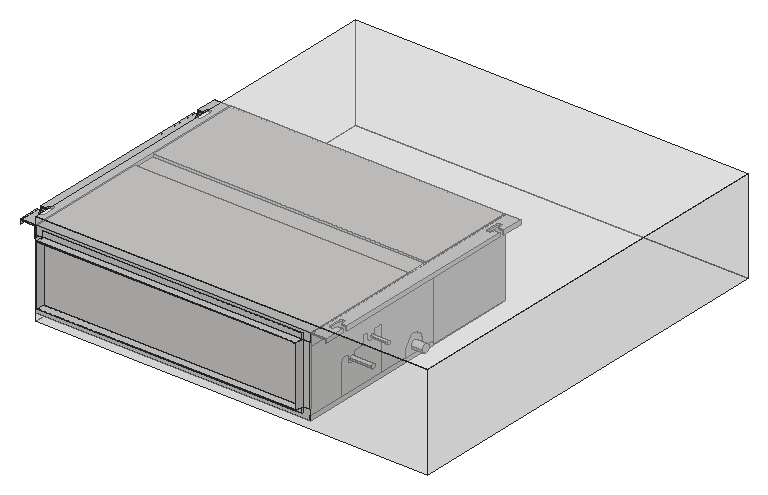
Revit family "outputfile", category 機械設備, Revit 2024
Family settings
  丸型コネクタ寸法 = 半径を使用
  パーツ タイプ = 標準
  OmniClass 番号 = 23.75.10.24.21.27.27
  OmniClass タイトル = Split System Air Conditioning Units
  作業面ベース = いいえ
  常に垂直 = はい
  ロード時にボイドで切り取り = いいえ
  注釈の向きを維持 = いいえ
  共有 = いいえ
  部屋計算ポイント = はい
Parameters (values of type "CDXP25RVM4")
  Description = ""
  書き出し IFC クラス(タイプ) = "IfcUnitaryEquipmentType"
  定義済み IFC タイプ(タイプ) = "AIRCONDITIONINGUNIT"
  Cost = 0
  Type Comments = ""
  Keynote = ""
  Type Image = (empty or 0)
  Assembly Code = ""
  switch_frequency = yes
  ld_powersupply = Depth / 2  # 310.0 mm
  製造元 = "Daikin"
  モデル = "CDXP25RVM4"
  r_Liquid Pipe Size = Liquid Pipe Size / 2  # 3.2 mm
  r_Gas Pipe Size = Gas Pipe Size / 2  # 4.75 mm
  r_Drain Pipe Size = Drain Pipe Size / 2  # 10.0 mm
  lw_powersupply = 50.0 mm  # constant formula
  lw_ductflange2 = 620.0 mm
  lw_Width = 660.0 mm
  lh_suctionflange [instance] = 100.0 mm  # constant formula
  ld_suctionflange [instance] = if(Rear Connection_Return Air, 190.0 mm, 100.0 mm)  # 190.0 mm
  connector_voltage = Voltage_50Hz  # 230 V
  connector_powerinput = if([Power Input (Cooling)] > [Power Input (Heating)], [Power Input (Cooling)], [Power Input (Heating)])  # 0.000 kW
  connector_phase = Phase_50Hz  # 1
  angle_vertical_RA [instance] = if(Rear Connection_Return Air, 90.00°, 0.00°)  # 90.00°
  angle horizontal_RA [instance] = if(Rear Connection_Return Air, 180.00°, 270.00°)  # 180.00°
  Voltage_comment_50Hz = "220 - 240"
  Voltage_50Hz = 230 V
  URL = ""
  Supply Air Direction [instance] = yes
  Sound Power Level_H speed (dB) = 0
  Rear Connection_Return Air [instance] = not(Bottom Connection_Return Air)  # yes
  RA_length [instance] = if(Rear Connection_Return Air, 190.0 mm, 100.0 mm)  # 190.0 mm
  Phase_50Hz = 1
  Minimum External Static Pressure = 0.00 Pa
  Minimum Circuit Amps_50Hz = 0.0 A
  Maximum Fuse Amps_50Hz = 0.0 A
  Maximum External Static Pressure = 30.00 Pa
  Material_Casing = DAIKIN_GalvanizedSteel_Casing_indoorunit
  lw_liquidpipe = 46.0 mm  # constant formula
  lw_gaspipe = 57.0 mm  # constant formula
  lw_mountinghole = 740.0 mm
  lw_drainpipe = 30.0 mm  # constant formula
  lh_powersupply = 150.0 mm  # constant formula
  lh_liquidpipe = 90.0 mm  # constant formula
  lh_gaspipe = 113.0 mm  # constant formula
  lh_mountinghole = Height  # 200.0 mm
  lh_drainpipe = 170.0 mm  # constant formula
  lh_antena = 1.0 mm  # constant formula
  ld_liquidpipe = 193.0 mm  # constant formula
  ld_gaspipe = 130.0 mm  # constant formula
  ld_mountinghole = 500.0 mm  # constant formula
  ld_drainpipe = 330.0 mm  # constant formula
  ld_controlbox = 626.0 mm  # constant formula
  h*** = 0.0 mm  # constant formula
  d_dischargeflange = 21.2 mm  # constant formula
  Width = 700.0 mm
  Version = "ver.1.0"
  Unit Type = "Duct (L.S.P)"
  Unit Mass Weight = 21.00 kg
  Unit Designation [instance] = ""
  Uniclass2015Version = "Products v1.30"
  Uniclass2015Title = "Split coil room air conditioning units"
  Uniclass2015Code = "Pr_70_65_03_86"
  Total Heating Capacity [instance] = 0.000 kW
  Total Cooling Capacity [instance] = 0.000 kW
  Sound Pressure Level_M speed (dBA) = 33
  Sound Pressure Level_L speed (dBA) = 31
  Sound Pressure Level_H speed (dBA) = 35
  Series = "Multi Split_Fan Coil Unit"
  Sensible Cooling Capacity [instance] = 0.000 kW
  SA Duct Size Width = 660.0 mm
  SA Duct Size Height = 153.0 mm
  Refrigerant Type = "R32"
  RA Duct Size Width = 580.0 mm
  RA Duct Size Height = 160.0 mm
  Power Input (Heating) = 0.000 kW
  Power Input (Cooling) = 0.000 kW
  Option Accessory 3 [instance] = ""
  Option Accessory 2 [instance] = ""
  Option Accessory 1 [instance] = ""
  Nominal Heating Capacity = 3.400 kW
  Nominal Cooling Capacity = 2.500 kW
  Minimum Airflow = 438.00 m³/h
  Median Airflow = 480.00 m³/h
  Maximum Airflow = 522.00 m³/h
  Load Classification = HVAC
  Liquid Pipe Size = 6.4 mm
  Link_Nested Family [instance] = ""
  IfcVersion = ""
  IfcExportType = "AIRCONDITIONINGUNIT"
  IfcExportAs = "IfcUnitaryEquipmentType"
  Height = 200.0 mm
  Heating Entering Wet Bulb Temperature [instance] = 0.00 °C
  Heating Entering Dry Bulb Temperature [instance] = 0.00 °C
  Heating Ambient Wet Bulb Temperature [instance] = 0.00 °C
  Heating Ambient Dry Bulb Temperature [instance] = 0.00 °C
  Heat Exchanger Type = "Cross Fin Coil"
  Gas Pipe Size = 9.5 mm
  Frequency_50Hz = 50 Hz
  Fan Type = "Sirocco Fan"
  Fan Drive = "Direct Drive"
  FCU Tag No. [instance] = ""
  Drain Pipe Size = 20.0 mm
  Design Supply Airflow [instance] = 0.00 m³/h
  Design Return Airflow [instance] = 0.00 m³/h
  Design External Static Pressure [instance] = 0.00 Pa
  Depth = 620.0 mm
  既定の高さ = 0.0 mm
  Cooling Entering Wet Bulb Temperature [instance] = 0.00 °C
  Cooling Entering Dry Bulb Temperature [instance] = 0.00 °C
  Cooling Ambient Wet Bulb Temperature [instance] = 0.00 °C
  Cooling Ambient Dry Bulb Temperature [instance] = 0.00 °C
  Clearance visibility [instance] = yes
  Clearance Top = 20.0 mm
  Clearance Right = 300.0 mm
  Clearance Rear = 400.0 mm
  Clearance Left = 0.0 mm
  Clearance Front = 0.0 mm
  Clearance Bottom = 20.0 mm
  Bottom Connection_Return Air [instance] = no
Reference planes
  plane 1 "Center (Front/Back)": y = 0
  plane 2: z = 0
  plane 3 "Center (Left/Right)": x = 0
  plane 4 "Back": y = 310
  plane 5 "Front": y = -310
  plane 6 "Left": x = -350
  plane 7 "Right": x = 350
  plane 8 "Top": z = 0
  plane 9 "Bottom": z = -200
  plane 10: x = -370
  plane 11: x = 370
  plane 12: y = 250
  plane 13: z = 0
  plane 14 "Clearance Left": x = -350
  plane 15 "Clearance Right": x = 650
  plane 16 "Clearance Rear": y = 710
  plane 17 "Clearance Front": y = -310
  plane 18 "Clearance Top": z = 20
  plane 19 "Clearance Bottom": z = -220
  plane 20: y = -250
  plane 21: z = -21
  plane 22: z = -97.5
  plane 23: x = -40
  plane 24: y = 120
  plane 25: z = -100
  plane 26: y = -180
  plane 27: z = -113
  plane 28: y = -117
  plane 29: z = -90
  plane 30: y = 20
  plane 31: z = -170
  plane 32: x = 407
  plane 33: x = 396
  plane 34: x = 380
  plane 35: x = 300
  plane 36: z = -150
Forms (mm)
  Extrusion 1, solid, material "DAIKIN_GalvanizedSteel_Casing_indoorunit" <- "Material_Casing"
    sketch origin (0, 0, 0) x (1, 0, 0) y (0, 1, 0)
      loop
        line (-350, -310) -> (350, -310) -> (350, 310) -> (-350, 310) -> (-350, -310)
    from -200 to 0
  Extrusion 2, void
    sketch origin (0, 0, 1) x (1, 0, 0) y (0, 1, 0)
      loop
        line (-350, 61.5) -> (-350, 3.5) -> (350, 3.5) -> (350, 61.5) -> (-350, 61.5)
    from -1 to -7
  Extrusion 3, solid, material "DAIKIN_GalvanizedSteel_Casing_indoorunit" <- "Material_Casing", visible <- "Bottom Connection_Return Air"
    sketch origin (0, 0, 0) x (1, 0, 0) y (0, 0, 1)
      loop
        line (269, -200) -> (269, -1) -> (-349, -1) -> (-349, -200) -> (269, -200)
    from -310 to -309
  Extrusion 4, solid, material "DAIKIN_GalvanizedSteel_Casing_indoorunit" <- "Material_Casing", visible <- "Rear Connection_Return Air"
    sketch origin (0, 0, 0) x (1, 0, 0) y (0, 1, 0)
      loop
        line (-349, 310) -> (-349, 111) -> (269, 111) -> (269, 310) -> (-349, 310)
    from -200 to -199
  Extrusion 5, solid, material "DAIKIN_GalvanizedSteel_Casing_indoorunit" <- "Material_Casing"
    sketch origin (350, 0, 0) x (0, 1, 0) y (0, 0, 1)
      loop
        circle (-180, -113) r 4.75
    from 0 to 57
  Extrusion 6, solid, material "DAIKIN_GalvanizedSteel_Casing_indoorunit" <- "Material_Casing"
    sketch origin (350, 0, 0) x (0, 1, 0) y (0, 0, 1)
      loop
        circle (-117, -90) r 3.2
    from 0 to 46
  Extrusion 7, solid, material "DAIKIN_GalvanizedSteel_Casing_indoorunit" <- "Material_Casing"
    sketch origin (350, 0, 0) x (0, 1, 0) y (0, 0, 1)
      loop
        circle (20, -170) r 10
    from 0 to 30
  Extrusion 8, solid, material "DAIKIN_GalvanizedSteel_Casing_indoorunit" <- "Material_Casing"
    sketch origin (350, 0, 0) x (0, 1, 0) y (0, 0, 1)
      loop
        line (-310, -200) -> (78.6, -200) -> (78.6, -193)
        arc (78.6, -193) -> (77.721, -190.879) -> (75.6, -190) r 3
        line (75.6, -190) -> (-310, -190) -> (-310, -200)
    from 0 to -1
  Extrusion 9, solid, material "DAIKIN_GalvanizedSteel_Casing_indoorunit" <- "Material_Casing"
    sketch origin (350, 0, 0) x (0, 1, 0) y (0, 0, 1)
      loop
        line (-210, -190) -> (-85.6, -190) -> (-85.6, -83)
        arc (-85.6, -83) -> (-86.479, -80.879) -> (-88.6, -80) r 3
        line (-88.6, -80) -> (-102, -80)
        arc (-102, -80) -> (-104.121, -80.879) -> (-105, -83) r 3
        line (-105, -83) -> (-105, -90)
        arc (-105, -90) -> (-117, -102) -> (-129, -90) r 12
        line (-129, -90) -> (-129, -83)
        arc (-129, -83) -> (-129.879, -80.879) -> (-132, -80) r 3
        line (-132, -80) -> (-136.1, -80)
        arc (-136.1, -80) -> (-138.221, -80.879) -> (-139.1, -83) r 3
        line (-139.1, -83) -> (-139.1, -102.7) -> (-165, -102.7)
        arc (-165, -102.7) -> (-167.121, -103.579) -> (-168, -105.7) r 3
        line (-168, -105.7) -> (-168, -113)
        arc (-168, -113) -> (-180, -125) -> (-192, -113) r 12
        line (-192, -113) -> (-192, -105.7)
        arc (-192, -105.7) -> (-192.879, -103.579) -> (-195, -102.7) r 3
        line (-195, -102.7) -> (-207, -102.7)
        arc (-207, -102.7) -> (-209.121, -103.579) -> (-210, -105.7) r 3
        line (-210, -105.7) -> (-210, -190)
    from 0 to -1
  Extrusion 10, solid, material "DAIKIN_GalvanizedSteel_Casing_indoorunit" <- "Material_Casing"
    sketch origin (350, 0, 0) x (0, 1, 0) y (0, 0, 1)
      loop
        arc (44.5, -170) -> (20, -145.5) -> (-4.5, -170) r 24.5
        line (-4.5, -170) -> (-4.5, -190) -> (44.5, -190) -> (44.5, -170)
    from 0 to -1
  Extrusion 11, solid, material "DAIKIN_GalvanizedSteel_Casing_indoorunit" <- "Material_Casing"
    sketch origin (350, 0, 0) x (0, 1, 0) y (0, 0, 1)
      loop
        arc (86.6, -22) -> (84.479, -22.879) -> (83.6, -25) r 3
        line (83.6, -25) -> (83.6, -194.5)
        arc (83.6, -194.5) -> (84.479, -196.621) -> (86.6, -197.5) r 3
        line (86.6, -197.5) -> (307, -197.5)
        arc (307, -197.5) -> (309.121, -196.621) -> (310, -194.5) r 3
        line (310, -194.5) -> (310, -25)
        arc (310, -25) -> (309.121, -22.879) -> (307, -22) r 3
        line (307, -22) -> (86.6, -22)
    from 0 to -1
Cuts and joins
  Extrusion 2 cuts Extrusion 1
Dimensions and locks
  "Height": plane 8 "Top" to plane 9 "Bottom"
  equal spacing: plane 10, plane 3 "Center (Left/Right)", plane 11
  "lw_mountinghole": plane 10 to plane 11
  equal spacing: plane 6 "Left", plane 3 "Center (Left/Right)", plane 7 "Right"
  "Width": plane 6 "Left" to plane 7 "Right"
  "Clearance Right": plane 7 "Right" to plane 15 "Clearance Right"
  "Clearance Left": plane 14 "Clearance Left" to plane 6 "Left"
  "Clearance Rear": plane 16 "Clearance Rear" to plane 4 "Back"
  "Clearance Front": plane 5 "Front" to plane 17 "Clearance Front"
  "Clearance Top": plane 18 "Clearance Top" to plane 8 "Top"
  "Clearance Bottom": plane 9 "Bottom" to plane 19 "Clearance Bottom"
  "Depth": plane 4 "Back" to plane 5 "Front"
  equal spacing: plane 4 "Back", plane 1 "Center (Front/Back)", plane 5 "Front"
  Extrusion 3 sketch curve to Extrusion 3 sketch curve = 199.0 mm
  locked: plane 20 to plane 5 "Front" at 60
  "ld_mountinghole": plane 12 to plane 20
  locked: plane 8 "Top" to plane 21 at 21
  locked: plane 23 to plane 3 "Center (Left/Right)" at 40
  "ld_suctionflange": plane 4 "Back" to plane 24
  "lh_suctionflange": plane 8 "Top" to plane 25
  "ld_gaspipe": plane 26 to plane 5 "Front"
  "lh_gaspipe": plane 8 "Top" to plane 27
  "ld_liquidpipe": plane 28 to plane 5 "Front"
  "lh_liquidpipe": plane 8 "Top" to plane 29
  "ld_drainpipe": plane 30 to plane 5 "Front"
  "lh_drainpipe": plane 8 "Top" to plane 31
  "lw_gaspipe": plane 7 "Right" to plane 32
  "lw_liquidpipe": plane 7 "Right" to plane 33
  "lw_drainpipe": plane 7 "Right" to plane 34
  "lw_powersupply": plane 35 to plane 7 "Right"
  "lh_powersupply": plane 8 "Top" to plane 36
  "r_Gas Pipe Size": radius of Extrusion 5 sketch curve
  "r_Liquid Pipe Size": radius of Extrusion 6 sketch curve
  "r_Drain Pipe Size": radius of Extrusion 7 sketch curve
  aligned and locked: level to plane 2
  aligned and locked: Extrusion 1 to plane 9 "Bottom"
  aligned and locked: plane 8 "Top" to Extrusion 1
  aligned and locked: plane 11 to nested 2
  aligned and locked: plane 10 to nested 3
  aligned and locked: plane 10 to nested 4
  aligned and locked: plane 8 "Top" to Extrusion 2
  aligned and locked: plane 9 "Bottom" to Extrusion 4  (x2)
  aligned and locked: plane 7 "Right" to cut or joined group of Extrusion 1, Extrusion 2  (x2)
  aligned and locked: plane 3 "Center (Left/Right)" to nested 9
  aligned and locked: plane 6 "Left" to nested 7
  aligned and locked: plane 8 "Top" to nested 9
  aligned and locked: plane 11 to nested 1
  aligned and locked: nested 6 to plane 1 "Center (Front/Back)"
  aligned and locked: plane 3 "Center (Left/Right)" to nested 6
  aligned and locked: level to plane 8 "Top"
  aligned and locked: plane 1 "Center (Front/Back)" to nested 9
  aligned and locked: plane 5 "Front" to nested 10
  aligned and locked: Extrusion 1 sketch curve to plane 5 "Front"
  aligned and locked: plane 21 to nested 10
  aligned and locked: nested 5 to plane 5 "Front"
  aligned and locked: plane 3 "Center (Left/Right)" to nested 5
  aligned and locked: plane 22 to nested 5
  aligned and locked: Extrusion 2 sketch curve to plane 6 "Left"
  aligned and locked: plane 7 "Right" to Extrusion 2 sketch curve
  aligned and locked: nested 11 to plane 23
  aligned and locked: nested 11 to plane 24
  aligned and locked: plane 27 to Extrusion 5 sketch curve
  aligned and locked: plane 26 to Extrusion 5 sketch curve
  aligned and locked: plane 28 to Extrusion 6 sketch curve
  aligned and locked: plane 29 to Extrusion 6 sketch curve
  aligned and locked: plane 31 to Extrusion 7 sketch curve
  aligned and locked: plane 30 to Extrusion 7 sketch curve
  aligned and locked: plane 26 to nested 12
  aligned and locked: nested 12 to plane 27
  aligned and locked: plane 32 to Extrusion 5
  aligned and locked: plane 32 to nested 12
  aligned and locked: plane 33 to Extrusion 6
  aligned and locked: plane 28 to nested 13
  aligned and locked: nested 13 to plane 29
  aligned and locked: plane 33 to nested 13
  aligned and locked: plane 34 to Extrusion 7
  aligned and locked: plane 30 to nested 14
  aligned and locked: nested 14 to plane 31
  aligned and locked: plane 34 to nested 14
  aligned and locked: Extrusion 8 sketch curve to plane 9 "Bottom"
  aligned and locked: Extrusion 8 sketch curve to plane 5 "Front"
  aligned and locked: plane 14 "Clearance Left" to nested 15
  aligned and locked: plane 15 "Clearance Right" to nested 15
  aligned and locked: plane 16 "Clearance Rear" to nested 15
  aligned and locked: nested 15 to plane 17 "Clearance Front"
  aligned and locked: nested 15 to plane 18 "Clearance Top"
  aligned and locked: nested 15 to plane 19 "Clearance Bottom"
  aligned and locked: nested 16 to plane 35
  aligned and locked: nested 16 to plane 36
  aligned and locked: plane 4 "Back" to nested 16
Automatic sketch dimensions
  Extrusion 1 sketch curve to plane 4 "Back" = 0.0 mm
  Extrusion 1 sketch curve to plane 6 "Left" = 0.0 mm
  Extrusion 1 sketch curve to plane 7 "Right" = 0.0 mm
  Extrusion 4 sketch curve to plane 4 "Back" = 0.0 mm
  plane 6 "Left" to Extrusion 3 sketch curve = 1.0 mm
  plane 6 "Left" to Extrusion 4 sketch curve = 1.0 mm
  Extrusion 4 sketch curve to plane 1 "Center (Front/Back)" = 111.0 mm
  Extrusion 3 sketch curve to plane 9 "Bottom" = 0.0 mm
  Extrusion 3 sketch curve to plane 7 "Right" = 81.0 mm
  Extrusion 4 sketch curve to plane 7 "Right" = 81.0 mm
  Extrusion 2 sketch curve to plane 1 "Center (Front/Back)" = 3.5 mm
  Extrusion 2 sketch curve to Extrusion 2 sketch curve = 58.0 mm
  plane 9 "Bottom" to Extrusion 8 sketch curve = 7.0 mm
  Extrusion 8 sketch curve to plane 24 = 44.4 mm
  Extrusion 8 sketch curve to Extrusion 8 sketch curve = 3.0 mm
  Extrusion 9 sketch curve to plane 27 = 0.0 mm
  Extrusion 9 sketch curve to plane 26 = 0.0 mm
  Extrusion 9 sketch curve to plane 29 = 0.0 mm
  Extrusion 9 sketch curve to plane 28 = 0.0 mm
  Extrusion 9 sketch curve to plane 26 = 12.0 mm
  Extrusion 9 sketch curve to plane 25 = 2.7 mm  (x2)
  Extrusion 9 sketch curve to Extrusion 9 sketch curve = 3.0 mm  (x6)
  Extrusion 9 sketch curve to Extrusion 9 sketch curve = 12.0 mm
  plane 9 "Bottom" to Extrusion 9 sketch curve = 10.0 mm
  Extrusion 9 sketch curve to plane 26 = 30.0 mm
  Extrusion 9 sketch curve to plane 28 = 22.1 mm
  Extrusion 9 sketch curve to Extrusion 9 sketch curve = 4.1 mm
  plane 29 to Extrusion 9 sketch curve = 7.0 mm  (x2)
  Extrusion 9 sketch curve to Extrusion 9 sketch curve = 13.4 mm
  Extrusion 10 sketch curve to plane 30 = 0.0 mm
  Extrusion 10 sketch curve to plane 31 = 0.0 mm
  plane 1 "Center (Front/Back)" to Extrusion 10 sketch curve = 4.5 mm
  plane 9 "Bottom" to Extrusion 10 sketch curve = 10.0 mm
  Extrusion 11 sketch curve to plane 4 "Back" = 0.0 mm
  Extrusion 11 sketch curve to Extrusion 11 sketch curve = 3.0 mm  (x3)
  Extrusion 11 sketch curve to plane 21 = 1.0 mm
  Extrusion 11 sketch curve to plane 21 = 4.0 mm
  Extrusion 11 sketch curve to plane 24 = 33.4 mm
  plane 9 "Bottom" to Extrusion 11 sketch curve = 5.5 mm
Nested families
  nested 1: "daikin_mountinghole" at (370, 250, -200), l_antenna <- "lh_antena", Link_Nested Family <- "Link_Nested Family", h_mountinghole <- "lh_mountinghole", type "daikin_mountinghole"
    with show yes, l_antenna 1.0 mm, h_mountinghole 200.0 mm, Link_Nested Family ""
  nested 2: "daikin_mountinghole" at (370, -250, -200), Link_Nested Family <- "Link_Nested Family", l_antenna <- "lh_antena", h_mountinghole <- "lh_mountinghole", type "daikin_mountinghole"
    with show yes, l_antenna 1.0 mm, h_mountinghole 200.0 mm, Link_Nested Family ""
  nested 3: "daikin_mountinghole" at (-370, -250, -200), l_antenna <- "lh_antena", Link_Nested Family <- "Link_Nested Family", h_mountinghole <- "lh_mountinghole", type "daikin_mountinghole"
    with show yes, l_antenna 1.0 mm, h_mountinghole 200.0 mm, Link_Nested Family ""
  nested 4: "daikin_mountinghole" at (-370, 250, -200), l_antenna <- "lh_antena", Link_Nested Family <- "Link_Nested Family", h_mountinghole <- "lh_mountinghole", type "daikin_mountinghole"
    with show yes, l_antenna 1.0 mm, h_mountinghole 200.0 mm, Link_Nested Family ""
  nested 5: "daikin_connector_rotate2" at (0, -310, -97.5), length <- "d_dischargeflange", type "daikin_connector_rotate2"
    with radius 10.0 mm, length 21.2 mm, angle_vertical 90.00°, show_face no
  nested 6: "daikin_△_symbolicline" at (-75, -129.904, 200) x (-0.5, 0.866, 0) z (0, 0, 1), built-in parameter 1001364 <- "Height", visible <- "Supply Air Direction", type "daikin_△_symbolicline"
    with length 300.0 mm
  nested 7: "daikin_ductflange_CDXP-RVM4_1" at (-40, 310, -100), visible <- "Rear Connection_Return Air", material <- "Material_Casing", width <- "lw_ductflange2", type "daikin_ductflange_CDXP-RVM4_1"
    with width 620.0 mm, material DAIKIN_GalvanizedSteel_Casing_indoorunit, height 180.0 mm, depth 21.2 mm
  nested 8: "daikin_ductflange_CDXP-RVM4_1" at (-40, 210, -200) x (1, 0, 0) z (0, 1, 0), visible <- "Bottom Connection_Return Air", material <- "Material_Casing", width <- "lw_ductflange2", type "daikin_ductflange_CDXP-RVM4_1"
    with width 620.0 mm, material DAIKIN_GalvanizedSteel_Casing_indoorunit, height 180.0 mm, depth 21.2 mm
  nested 9: "daikin_hangerfixture_CDXP-RVM4" at (0, 0, 0), type "daikin_hangerfixture_CDXP-RVM4"
  nested 10: "daikin_ductflange_CDXP-RVM4" at (0, 3.5, -364.201), width <- "lw_Width", material <- "Material_Casing", type "daikin_ductflange_CDXP-RVM4"
    with width 660.0 mm, material DAIKIN_GalvanizedSteel_Casing_indoorunit, height 155.0 mm, depth 21.2 mm
  nested 11: "daikin_connector_rotate3" at (-40, 120, -100), length <- "RA_length", angle_vertical <- "angle_vertical_RA", angle_horizontal <- "angle horizontal_RA", type "daikin_connector_rotate3"
    with show no, radius 10.0 mm, length 190.0 mm, angle_vertical 90.00°, angle_horizontal 180.00°
  nested 12: "daikin_connector_rotate2" at (350, -180, -113) x (0, 1, 0) z (0, 0, 1), length <- "lw_gaspipe", radius <- "r_Gas Pipe Size", type "daikin_connector_rotate2"
    with radius 4.75 mm, length 57.0 mm, angle_vertical 90.00°, show_face no
  nested 13: "daikin_connector_rotate2" at (350, -117, -90) x (0, 1, 0) z (0, 0, 1), radius <- "r_Liquid Pipe Size", length <- "lw_liquidpipe", type "daikin_connector_rotate2"
    with radius 3.2 mm, length 46.0 mm, angle_vertical 90.00°, show_face no
  nested 14: "daikin_connector_rotate2" at (350, 20, -170) x (0, 1, 0) z (0, 0, 1), radius <- "r_Drain Pipe Size", length <- "lw_drainpipe", type "daikin_connector_rotate2"
    with radius 10.0 mm, length 30.0 mm, angle_vertical 90.00°, show_face no
  nested 15: "daikin_clearancespace" at (150, 200, -99.881), visible <- "Clearance visibility", Link_Nested Family <- "Link_Nested Family", show <- "Clearance visibility", type "daikin_clearancespace"
    with width 1000.0 mm, show yes, height 240.0 mm, depth 1020.0 mm, Link_Nested Family ""
  nested 16: "daikin_connector_rotate2" at (300, 0, -150) x (-1, 0, 0) z (0, 0, 1), length <- "ld_powersupply", type "daikin_connector_rotate2"
    with radius 10.0 mm, length 310.0 mm, angle_vertical 90.00°, show_face no
Connectors
  hvac at (0, -331.2, -97.5), driven by "SA Duct Size Height", driven by "SA Duct Size Width"
    settings: on nested 5, index 1, duct flow 0.00 m³/h, flow factor 0, pres drop 0.00 Pa, loss coef 0, conn angle 0.00°, conn width 660.0 mm, conn height 153.0 mm, conn diameter 609.6 mm, duct sys type 1, conn prof type 1, flow config 0, flow direction 2, loss method 4, conn ref index -1, conn util no, is conn primary yes, conn desc "SA Duct"
  hvac at (-40, 310, -100), driven by "RA Duct Size Height", driven by "RA Duct Size Width"
    settings: on nested 11, index 2, duct flow 0.00 m³/h, flow factor 0, pres drop 0.00 Pa, loss coef 0, conn angle 0.00°, conn width 580.0 mm, conn height 160.0 mm, conn diameter 609.6 mm, duct sys type 2, conn prof type 1, flow config 0, flow direction 1, loss method 4, conn ref index -1, conn util no, is conn primary no, conn desc "RA Duct"
  piping at (407, -180, -113), diameter 9.5, driven by "r_Gas Pipe Size"
    settings: on nested 12, index 3, connector inside diameter 609.6 mm, connector length 0.0 mm, flow factor 0, pipe flow 0.00 m³/h, pressure drop 0.0 Pa, fitting loss kfactor 0, connector angle 0.00°, fixture units 0, engagement length 0.0 mm, angle of deflection 0.00°, flow configuration 1, flow direction 2, fitting loss method 0, system type 29, joint type 0, gender type 0, connector reference index -1, connector utility 0, adjustable connector no, is connector primary yes, connector description "Refrigerant Gas Piping"
  piping at (396, -117, -90), diameter 6.4, driven by "r_Liquid Pipe Size"
    settings: on nested 13, index 4, connector inside diameter 609.6 mm, connector length 0.0 mm, flow factor 0, pipe flow 0.00 m³/h, pressure drop 0.0 Pa, fitting loss kfactor 0, connector angle 0.00°, fixture units 0, engagement length 0.0 mm, angle of deflection 0.00°, flow configuration 1, flow direction 1, fitting loss method 0, system type 29, joint type 0, gender type 0, connector reference index -1, connector utility 0, adjustable connector no, is connector primary no, connector description "Refrigerant Liquid Piping"
  piping at (380, 20, -170), diameter 20, driven by "r_Drain Pipe Size"
    settings: on nested 14, index 5, connector inside diameter 609.6 mm, connector length 0.0 mm, flow factor 0, pipe flow 0.00 m³/h, pressure drop 0.0 Pa, fitting loss kfactor 0, connector angle 0.00°, fixture units 0, engagement length 0.0 mm, angle of deflection 0.00°, flow configuration 1, flow direction 2, fitting loss method 4, system type 16, joint type 0, gender type 0, connector reference index -1, connector utility 0, adjustable connector no, is connector primary no, connector description "Condensate Drain Piping"
  electrical at (300, 310, -150), driven by "Load Classification", driven by "connector_voltage", driven by "connector_powerinput", driven by "connector_phase"
    settings: on nested 16, index 6, voltage 230 V, apparent load 0 VA, apparent load phase1 0 VA, apparent load phase2 0 VA, apparent load phase3 0 VA, power factor 1, load classification "HVAC", number of poles 1, system type 30, power factor state 1, is connector primary yes, connector utility no, sub classification motor no, connector description "Power Supply"
Definition of nested family "daikin_ductflange_CDXP-RVM4_1"
  Parameters (values of type "daikin_ductflange_CDXP-RVM4_1")
    width [instance] = 620.0 mm
    material [instance] = none
    height [instance] = 180.0 mm
    depth [instance] = 21.2 mm
    Default Elevation = 0.0 mm
  Reference planes
    plane 1 "Center (Front/Back)": y = 0
    plane 2: z = 0
    plane 3 "Center (Left/Right)": x = 0
    plane 4: x = -310
    plane 5: x = 310
    plane 6: z = 90
    plane 7: z = -90
    plane 8: z = 100
    plane 9: z = -100
    plane 10: x = -309
    plane 11: x = 309
  Forms (mm)
    Extrusion 1, solid, material <- "material"
      sketch origin (0, 0, 0) x (1, 0, 0) y (0, 0, 1)
        loop
          line (-290, 80) -> (-290, -80) -> (290, -80) -> (290, 80) -> (-290, 80)
        loop
          line (-309, -99) -> (309, -99) -> (309, 99) -> (-309, 99) -> (-309, -99)
      from 0 to 1
  Dimensions and locks
    equal spacing: plane 5, plane 3 "Center (Left/Right)", plane 4, locked at 310 each
    "width": plane 5 to plane 4
    equal spacing: plane 6, level, plane 7, locked at 90 each
    "height": plane 6 to plane 7
    equal spacing: plane 8, level, plane 9, locked at 100 each
    locked: plane 8 to plane 9 at 200
    plane 10 to plane 4 = 1.0 mm
    locked: plane 5 to plane 11 at 1
    locked: Extrusion 1 sketch curve to Extrusion 1 sketch curve at 19  (x4)
    locked: plane 8 to Extrusion 1 sketch curve at 1
    locked: Extrusion 1 sketch curve to plane 9 at 1
    aligned and locked: level to plane 2
  Automatic sketch dimensions
    plane 4 to Extrusion 1 sketch curve = 1.0 mm
    Extrusion 1 sketch curve to plane 5 = 1.0 mm
Definition of nested family "daikin_hangerfixture_CDXP-RVM4"
  Parameters (values of type "daikin_hangerfixture_CDKS-EAVMA")
    width = 700.0 mm
    material = none
    height = 30.0 mm
    depth = 618.0 mm
    Default Elevation = 0.0 mm
  Reference planes
    plane 1 "Center (Front/Back)": y = 0
    plane 2: z = 0
    plane 3 "Center (Left/Right)": x = 0
    plane 4: x = 350
    plane 5: y = 309
    plane 6: y = -309
    plane 7: x = -350
    plane 8: z = -30
  Forms (mm)
    Extrusion 1, solid, material <- "material"
      sketch origin (0, 0, 0) x (1, 0, 0) y (0, 0, 1)
        loop
          line (350, 0) -> (350, -30) -> (352.3, -30) -> (352.3, -2.3) -> (387.7, -2.3) -> (387.7, -10) -> (390, -10) -> (390, 0) -> (350, 0)
      from -309 to 309
    Extrusion 2, void
      sketch origin (0, 0, 0) x (0, 1, 0) y (0, 0, 1)
        loop
          line (309, -30) -> (309, -17.979) -> (87.935, -17.979) -> (75.914, -30) -> (309, -30)
      from 0 to 450
    Extrusion 3, void
      sketch origin (0, 0, 0) x (1, 0, 0) y (0, 1, 0)
        loop
          line (390, -243.5) -> (377, -243.5) -> (377, -237)
          arc (377, -237) -> (370, -230) -> (363, -237) r 7
          line (363, -237) -> (363, -263)
          arc (363, -263) -> (370, -270) -> (377, -263) r 7
          line (377, -263) -> (377, -256.5) -> (390, -256.5) -> (390, -243.5)
        loop
          line (390, 243.5) -> (390, 256.5) -> (377, 256.5) -> (377, 263)
          arc (377, 263) -> (370, 270) -> (363, 263) r 7
          line (363, 263) -> (363, 237)
          arc (363, 237) -> (370, 230) -> (377, 237) r 7
          line (377, 237) -> (377, 243.5) -> (390, 243.5)
      from -254.96 to 618
    Extrusion 4, solid, material <- "material"
      sketch origin (0, 0, 0) x (-1, 0, 0) y (0, 0, -1)
        loop
          line (350, 0) -> (390, 0) -> (390, 10) -> (387.7, 10) -> (387.7, 2.3) -> (352.3, 2.3) -> (352.3, 30) -> (350, 30) -> (350, 0)
      from -309 to 309
    Extrusion 5, void
      sketch origin (0, 0, 0) x (-1, 0, 0) y (0, -1, 0)
        loop
          line (390, 243.5) -> (390, 256.5) -> (377, 256.5) -> (377, 263)
          arc (377, 263) -> (370, 270) -> (363, 263) r 7
          line (363, 263) -> (363, 237)
          arc (363, 237) -> (370, 230) -> (377, 237) r 7
          line (377, 237) -> (377, 243.5) -> (390, 243.5)
        loop
          line (390, -243.5) -> (377, -243.5) -> (377, -237)
          arc (377, -237) -> (370, -230) -> (363, -237) r 7
          line (363, -237) -> (363, -263)
          arc (363, -263) -> (370, -270) -> (377, -263) r 7
          line (377, -263) -> (377, -256.5) -> (390, -256.5) -> (390, -243.5)
      from -254.96 to 618
  Cuts and joins
    Extrusion 2, Extrusion 3, Extrusion 5 cuts Extrusion 1
    Extrusion 5 cuts Extrusion 4
  Dimensions and locks
    equal spacing: plane 5, plane 1 "Center (Front/Back)", plane 6
    "depth": plane 5 to plane 6
    plane 6 to plane 1 "Center (Front/Back)" to plane 5 = 309.0 mm, 309.0 mm
    equal spacing: plane 4, plane 3 "Center (Left/Right)", plane 7
    "width": plane 4 to plane 7
    "height": level to plane 8
    aligned and locked: level to plane 2
    aligned and locked: plane 5 to Extrusion 1
    aligned and locked: Extrusion 1 to plane 6
    aligned and locked: Extrusion 1 to plane 4
    aligned and locked: plane 5 to cut or joined group of Extrusion 1, Extrusion 2, Extrusion 3, Extrusion 5
    aligned and locked: cut or joined group of Extrusion 1, Extrusion 2, Extrusion 3, Extrusion 5 to plane 6
    aligned and locked: level to cut or joined group of Extrusion 1, Extrusion 2, Extrusion 3, Extrusion 5
    aligned and locked: cut or joined group of Extrusion 1, Extrusion 2, Extrusion 3, Extrusion 5 to plane 8
    aligned and locked: plane 5 to cut or joined group of Extrusion 4, Extrusion 5
    aligned and locked: cut or joined group of Extrusion 4, Extrusion 5 to plane 6
  Automatic sketch dimensions
    Extrusion 1 sketch curve to plane 4 = 0.0 mm
    Extrusion 1 sketch curve to plane 8 = 0.0 mm
    Extrusion 1 sketch curve to level = 0.0 mm
    plane 4 to Extrusion 1 sketch curve = 2.3 mm
    Extrusion 1 sketch curve to level = 2.3 mm
    Extrusion 1 sketch curve to Extrusion 1 sketch curve = 35.4 mm
    Extrusion 1 sketch curve to Extrusion 1 sketch curve = 2.3 mm
    Extrusion 1 sketch curve to Extrusion 1 sketch curve = 7.7 mm
    Extrusion 2 sketch curve to plane 8 = 0.0 mm
    Extrusion 2 sketch curve to plane 5 = 0.0 mm
    plane 8 to Extrusion 2 sketch curve = 12.021 mm
    Extrusion 2 sketch curve to plane 1 "Center (Front/Back)" = 87.935 mm
    Extrusion 2 sketch curve to Extrusion 2 sketch curve = 12.021 mm
    plane 4 to Extrusion 3 sketch curve = 13.0 mm  (x2)
    Extrusion 3 sketch curve to Extrusion 3 sketch curve = 7.0 mm  (x4)
    Extrusion 3 sketch curve to Extrusion 3 sketch curve = 13.0 mm  (x4)
    plane 6 to Extrusion 3 sketch curve = 46.0 mm
    Extrusion 3 sketch curve to Extrusion 3 sketch curve = 6.5 mm  (x4)
    Extrusion 3 sketch curve to plane 5 = 72.0 mm
    Extrusion 4 sketch curve to plane 7 = 0.0 mm
    Extrusion 4 sketch curve to plane 8 = 0.0 mm
    Extrusion 4 sketch curve to level = 0.0 mm
    Extrusion 4 sketch curve to plane 7 = 2.3 mm
    Extrusion 4 sketch curve to level = 2.3 mm
    Extrusion 4 sketch curve to Extrusion 4 sketch curve = 35.4 mm
    Extrusion 4 sketch curve to Extrusion 4 sketch curve = 2.3 mm
    Extrusion 4 sketch curve to Extrusion 4 sketch curve = 7.7 mm
    Extrusion 5 sketch curve to plane 7 = 13.0 mm  (x2)
    Extrusion 5 sketch curve to Extrusion 5 sketch curve = 7.0 mm  (x4)
    Extrusion 5 sketch curve to Extrusion 5 sketch curve = 13.0 mm  (x4)
    Extrusion 5 sketch curve to plane 5 = 46.0 mm
    Extrusion 5 sketch curve to Extrusion 5 sketch curve = 6.5 mm  (x4)
    plane 6 to Extrusion 5 sketch curve = 72.0 mm
Definition of nested family "daikin_ductflange_CDXP-RVM4"
  Parameters (values of type "daikin_ductflange_FXDQ-NDVET")
    width [instance] = 660.0 mm
    material [instance] = none
    height [instance] = 155.0 mm
    depth [instance] = 21.2 mm
    Default Elevation = 0.0 mm
  Reference planes
    plane 1 "Center (Front/Back)": y = 0
    plane 2: z = 189.201
    plane 3 "Center (Left/Right)": x = 0
    plane 4: y = -313.5
    plane 5: x = -330
    plane 6: x = 330
    plane 7: y = -334.7
    plane 8: z = 344.201
    plane 9: z = 266.701
    plane 10: z = 343.201
    plane 11: z = 190.201
  Forms (mm)
    Extrusion 1, solid, material <- "material"
      sketch origin (0, 0, 189.201) x (1, 0, 0) y (0, 1, 0)
        loop
          line (-330, -334.7) -> (-330, -313.5) -> (-350, -313.5) -> (-350, -314.5) -> (-331, -314.5) -> (-331, -334.7) -> (-330, -334.7)
        loop
          line (330, -334.7) -> (331, -334.7) -> (331, -314.5) -> (350, -314.5) -> (350, -313.5) -> (330, -313.5) -> (330, -334.7)
      from 1 to 154
    Extrusion 2, solid, material <- "material"
      sketch origin (0, 0, 0) x (0, 1, 0) y (0, 0, 1)
        loop
          line (-313.5, 343.201) -> (-313.5, 358.201) -> (-314.5, 358.201) -> (-314.5, 344.201) -> (-334.7, 344.201) -> (-334.7, 343.201) -> (-313.5, 343.201)
        loop
          line (-313.5, 190.201) -> (-334.7, 190.201) -> (-334.7, 189.201) -> (-314.5, 189.201) -> (-314.5, 175.201) -> (-313.5, 175.201) -> (-313.5, 190.201)
      from -330 to 330
  Dimensions and locks
    plane 4 to plane 1 "Center (Front/Back)" = 313.5 mm
    "depth": plane 7 to plane 4
    equal spacing: plane 8, plane 9, level
    "height": plane 8 to level
    equal spacing: plane 6, plane 3 "Center (Left/Right)", plane 5
    "width": plane 6 to plane 5
    locked: plane 8 to plane 10 at 1
    locked: plane 11 to level at 1
    locked: Extrusion 1 to Extrusion 2 sketch curve at 1
    locked: Extrusion 2 sketch curve to Extrusion 1 at 1
    plane 10 to plane 11 = 153.0 mm
    aligned and locked: level to plane 2
    aligned and locked: Extrusion 2 to plane 5
    aligned and locked: Extrusion 2 to plane 11
    aligned and locked: Extrusion 2 to plane 10
    aligned and locked: plane 6 to Extrusion 2
    aligned and locked: plane 5 to Extrusion 2  (x2)
    aligned and locked: plane 5 to Extrusion 1  (x2)
    aligned and locked: Extrusion 1 to plane 6
    aligned and locked: plane 6 to Extrusion 1
    aligned and locked: Extrusion 1 to plane 10
  Automatic sketch dimensions
    Extrusion 2 sketch curve to plane 7 = 0.0 mm  (x2)
    Extrusion 2 sketch curve to plane 4 = 0.0 mm  (x2)
    Extrusion 2 sketch curve to plane 11 = 0.0 mm
    Extrusion 2 sketch curve to plane 10 = 0.0 mm
    Extrusion 2 sketch curve to plane 4 = 1.0 mm  (x2)
    Extrusion 2 sketch curve to level = 14.0 mm
    plane 8 to Extrusion 2 sketch curve = 14.0 mm
    Extrusion 1 sketch curve to plane 4 = 0.0 mm  (x2)
    Extrusion 1 sketch curve to plane 7 = 0.0 mm  (x2)
    Extrusion 1 sketch curve to plane 5 = 0.0 mm
    Extrusion 1 sketch curve to plane 6 = 0.0 mm
    Extrusion 1 sketch curve to plane 5 = 1.0 mm
    Extrusion 1 sketch curve to Extrusion 1 sketch curve = 19.0 mm  (x2)
    Extrusion 1 sketch curve to Extrusion 1 sketch curve = 1.0 mm
    Extrusion 1 sketch curve to plane 4 = 1.0 mm  (x2)
Definition of nested family "daikin_clearancespace"
  Parameters (values of type "daikin_clearancespace")
    Description = "daikin_clearancespace"
    width [instance] = 1823.963 mm
    show [instance] = yes
    material = none
    height [instance] = 1359.762 mm
    depth [instance] = 880.0 mm
    Default Elevation = 0.0 mm
    Link_Nested Family [instance] = ""
  Reference planes
    plane 1 "Center (Front/Back)": y = 0
    plane 2 "Center (Elevation)": z = -0.119
    plane 3 "Center (Left/Right)": x = 0
    plane 4: y = 440
    plane 5: y = -440
    plane 6 "Right": x = 911.982
    plane 7 "Left": x = -911.982
    plane 8 "Top": z = 679.762
    plane 9 "Bottom": z = -680
  Forms (mm)
    Extrusion 1, solid, material <- "material", visible <- "show"
      sketch origin (0, 0, 0) x (1, 0, 0) y (0, 1, 0)
        loop
          line (-911.982, 440) -> (-911.982, -440) -> (911.982, -440) -> (911.982, 440) -> (-911.982, 440)
      from -680 to 679.762
  Lines and regions (mm)
    symbolic lines, visible <- "show"
      curve 1: line (911.982, 440, 0) -> (-911.982, 440, 0)
      curve 2: line (-911.982, 440, 0) -> (-911.982, -440, 0)
      curve 3: line (-911.982, -440, 0) -> (911.982, -440, 0)
      curve 4: line (911.982, -440, 0) -> (911.982, 440, 0)
      curve 5: line (911.982, 0, 679.762) -> (-911.982, 0, 679.762)
      curve 6: line (911.982, 0, -680) -> (911.982, 0, 679.762)
      curve 7: line (-911.982, 0, -680) -> (911.982, 0, -680)
      curve 8: line (-911.982, 0, 679.762) -> (-911.982, 0, -680)
      curve 9: line (0, 440, 679.762) -> (0, -440, 679.762)
      curve 10: line (0, -440, 679.762) -> (0, -440, -680)
      curve 11: line (0, 440, -680) -> (0, 440, 679.762)
      curve 12: line (0, -440, -680) -> (0, 440, -680)
  Dimensions and locks
    "width": plane 7 "Left" to plane 6 "Right"
    "depth": plane 4 to plane 5
    "height": plane 8 "Top" to plane 9 "Bottom"
    equal spacing: plane 7 "Left", plane 3 "Center (Left/Right)", plane 6 "Right"
    equal spacing: plane 4, plane 1 "Center (Front/Back)", plane 5
    equal spacing: plane 8 "Top", plane 2 "Center (Elevation)", plane 9 "Bottom"
    aligned and locked: level to plane 2 "Center (Elevation)"
    aligned and locked: Extrusion 1 sketch curve to plane 4
    aligned and locked: plane 7 "Left" to Extrusion 1 sketch curve
    aligned and locked: Extrusion 1 sketch curve to plane 5
    aligned and locked: Extrusion 1 sketch curve to plane 6 "Right"
    aligned and locked: plane 8 "Top" to Extrusion 1
    aligned and locked: curve 1 to Extrusion 1
    aligned and locked: curve 2 to Extrusion 1
    aligned and locked: curve 3 to Extrusion 1
    aligned and locked: curve 4 to Extrusion 1
    aligned and locked: curve 5 to Extrusion 1
    aligned and locked: curve 6 to Extrusion 1
    aligned and locked: curve 7 to Extrusion 1
    aligned and locked: curve 8 to Extrusion 1
    aligned and locked: curve 9 to Extrusion 1
    aligned and locked: curve 10 to Extrusion 1
    aligned and locked: curve 11 to Extrusion 1
    aligned and locked: curve 12 to Extrusion 1
    aligned and locked: Extrusion 1 to plane 9 "Bottom"
Definition of nested family "daikin_mountinghole"
  Parameters (values of type "daikin_mountinghole")
    Default Elevation = 1219.2 mm
    Type Comments = "mountinghole"
    show [instance] = yes
    material = none
    l_centerline = 100.0 mm
    l_antenna [instance] = 100.0 mm
    h_mountinghole [instance] = 0.0 mm
    d_circle = 30.0 mm
    Link_Nested Family [instance] = ""
  Reference planes
    plane 1 "Center (Front/Back)": y = 0
    plane 2: z = 0
    plane 3 "Center (Left/Right)": x = 0
    plane 4: y = 50
    plane 5: x = -50
    plane 6: x = 50
    plane 7: y = -50
    plane 8 "h_mountinghole": z = 0
    plane 9: z = 100
  Lines and regions (mm)
    model lines, detail levels fine
      curve 1: circle (0, 0, 0) r 15 normal (0, 0, 1)
      curve 2: line (-50, 0, 0) -> (50, 0, 0)
      curve 3: line (0, 50, 0) -> (0, -50, 0)
    symbolic lines, detail levels fine
      curve 4: circle (0, 0, 0) r 15 normal (0, 0, 1)
      curve 5: line (-50, 0, 0) -> (50, 0, 0)
      curve 6: line (0, 50, 0) -> (0, -50, 0)
    model lines
      curve 7: line (0, 0, 100) -> (0, 0, 0)
  Dimensions and locks
    equal spacing: plane 4, plane 1 "Center (Front/Back)", plane 7
    "l_centerline": plane 4 to plane 7
    equal spacing: plane 5, plane 3 "Center (Left/Right)", plane 6
    "l_centerline": plane 5 to plane 6
    "l_antenna": plane 9 to plane 8 "h_mountinghole"
    "h_mountinghole": plane 8 "h_mountinghole" to plane 2
    "d_circle": diameter of curve 1
    "d_circle": diameter of curve 4
    aligned and locked: level to plane 2
    aligned and locked: plane 1 "Center (Front/Back)" to curve 1
    aligned and locked: plane 3 "Center (Left/Right)" to curve 1
    aligned and locked: plane 1 "Center (Front/Back)" to curve 2
    aligned and locked: curve 3 to plane 3 "Center (Left/Right)"
    aligned and locked: plane 6 to curve 2
    aligned and locked: plane 5 to curve 2
    aligned and locked: plane 4 to curve 3
    aligned and locked: plane 7 to curve 3
    aligned and locked: plane 1 "Center (Front/Back)" to curve 4
    aligned and locked: plane 3 "Center (Left/Right)" to curve 4
    aligned and locked: plane 6 to curve 5
    aligned and locked: plane 5 to curve 5
    aligned and locked: plane 1 "Center (Front/Back)" to curve 5
    aligned and locked: plane 4 to curve 6
    aligned and locked: plane 7 to curve 6
    aligned and locked: curve 6 to plane 3 "Center (Left/Right)"
    aligned and locked: curve 7 to plane 3 "Center (Left/Right)"
    aligned and locked: plane 9 to curve 7
    aligned and locked: plane 8 "h_mountinghole" to curve 7
Definition of nested family "daikin_connector_rotate2"
  Parameters (values of type "daikin_connector_rotate2")
    show_face = yes
    radius [instance] = 10.0 mm
    length [instance] = 600.0 mm
    d_surface = 10.0 mm
    angle_vertical [instance] = 90.00°
    Default Elevation = 0.0 mm
  Reference planes
    plane 1 "Center (Front/Back)": y = 0
    plane 2: z = 0
    plane 3 "Center (Left/Right)": x = 0
  Forms (mm)
    Extrusion 1, solid, visible <- "show_face"
      sketch origin (0, -600, 0) x (1, 0, 0) y (0, 0, 1)
        loop
          circle (0, 0) r 10
      from 0 to -10
  Lines and regions (mm)
    reference lines
      curve 1: line (0, 0, 0) -> (0, -600, 0)
    symbolic lines
      curve 2: circle (0, 0, 0) r 5 normal (0, 0, 1)
    model lines, visible <- "show_face"
      curve 3: line (0, 0, 0) -> (0, -600, 0)
  Dimensions and locks
    "length": curve 1 to curve 1
    "length": curve 3 to curve 3
    "d_surface": Extrusion 1 to Extrusion 1
    "radius": radius of Extrusion 1 sketch curve
    "angle_vertical": angle curve 1 to plane 1 "Center (Front/Back)"
    "angle_vertical": angle curve 3 to plane 1 "Center (Front/Back)"
    aligned and locked: level to plane 2
    aligned and locked: plane 1 "Center (Front/Back)" to curve 1
    aligned and locked: plane 2 to curve 1
    aligned and locked: plane 1 "Center (Front/Back)" to curve 2
    aligned and locked: plane 3 "Center (Left/Right)" to curve 2
    aligned and locked: plane 1 "Center (Front/Back)" to curve 3
    aligned and locked: plane 2 to curve 3
    aligned and locked: Extrusion 1 to Extrusion 1
  Automatic sketch dimensions
    Extrusion 1 sketch curve to level = 0.0 mm
    Extrusion 1 sketch curve to plane 3 "Center (Left/Right)" = 0.0 mm
    radius of curve 2 = 5.0 mm
Definition of nested family "daikin_△_symbolicline"
  Parameters (values of type "daikin_△_symbolicline")
    length [instance] = 500.0 mm
    Default Elevation = 0.0 mm
  Reference planes
    plane 1 "Center (Front/Back)": y = 0
    plane 2: z = 0
    plane 3 "Center (Left/Right)": x = 0
  Lines and regions (mm)
    symbolic lines
      curve 1: line (0, -433.013, 0) -> (250, 0, 0)
      curve 2: line (250, 0, 0) -> (-250, 0, 0)
      curve 3: line (-250, 0, 0) -> (0, -433.013, 0)
  Dimensions and locks
    equal spacing: curve 3, plane 3 "Center (Left/Right)", curve 2
    "length": curve 3 to curve 2
    "length": curve 3 to curve 3
    "length": curve 1 to curve 1
    aligned and locked: level to plane 2
    aligned and locked: curve 2 to plane 1 "Center (Front/Back)"
    aligned and locked: plane 3 "Center (Left/Right)" to curve 3
Definition of nested family "daikin_connector_rotate3"
  Parameters (values of type "daikin_connector_rotate3")
    Default Elevation = 1219.2 mm
    show [instance] = yes
    radius [instance] = 10.0 mm
    length [instance] = 600.0 mm
    angle_horizontal [instance] = 60.00°
    angle_vertical [instance] = 90.00°
  Reference planes
    plane 1 "Center (Front/Back)": y = 0
    plane 2: z = 0
    plane 3 "Center (Left/Right)": x = 0
  Dimensions and locks
    "angle_horizontal": angle plane 3 "Center (Left/Right)" to nested 1
    aligned and locked: level to plane 2
    aligned and locked: plane 1 "Center (Front/Back)" to nested 1  (x2)
    aligned and locked: plane 3 "Center (Left/Right)" to nested 1
  Nested families
    nested 1: "daikin_connector_rotate2" at (0, 0, 0) x (0.5, 0.866, 0) z (0, 0, 1), angle_vertical <- "angle_vertical", length <- "length", radius <- "radius", type "daikin_connector_rotate2"
      with radius 10.0 mm, length 600.0 mm, angle_vertical 90.00°
  Definition of nested family "daikin_connector_rotate2"
    Parameters (values of type "daikin_connector_rotate2")
      show_face = yes
      radius [instance] = 10.0 mm
      length [instance] = 600.0 mm
      d_surface = 10.0 mm
      angle_vertical [instance] = 90.00°
      Default Elevation = 0.0 mm
    Reference planes
      plane 1 "Center (Front/Back)": y = 0
      plane 2: z = 0
      plane 3 "Center (Left/Right)": x = 0
    Forms (mm)
      Extrusion 1, solid, visible <- "show_face"
        sketch origin (0, -600, 0) x (1, 0, 0) y (0, 0, 1)
          loop
            circle (0, 0) r 10
        from 0 to -10
    Lines and regions (mm)
      reference lines
        curve 1: line (0, 0, 0) -> (0, -600, 0)
      symbolic lines
        curve 2: circle (0, 0, 0) r 5 normal (0, 0, 1)
      model lines, visible <- "show_face"
        curve 3: line (0, 0, 0) -> (0, -600, 0)
    Dimensions and locks
      "length": curve 1 to curve 1
      "length": curve 3 to curve 3
      "d_surface": Extrusion 1 to Extrusion 1
      "radius": radius of Extrusion 1 sketch curve
      "angle_vertical": angle curve 1 to plane 1 "Center (Front/Back)"
      "angle_vertical": angle curve 3 to plane 1 "Center (Front/Back)"
      aligned and locked: level to plane 2
      aligned and locked: plane 1 "Center (Front/Back)" to curve 1
      aligned and locked: plane 2 to curve 1
      aligned and locked: plane 1 "Center (Front/Back)" to curve 2
      aligned and locked: plane 3 "Center (Left/Right)" to curve 2
      aligned and locked: plane 1 "Center (Front/Back)" to curve 3
      aligned and locked: plane 2 to curve 3
      aligned and locked: Extrusion 1 to Extrusion 1
    Automatic sketch dimensions
      Extrusion 1 sketch curve to level = 0.0 mm
      Extrusion 1 sketch curve to plane 3 "Center (Left/Right)" = 0.0 mm
      radius of curve 2 = 5.0 mm
